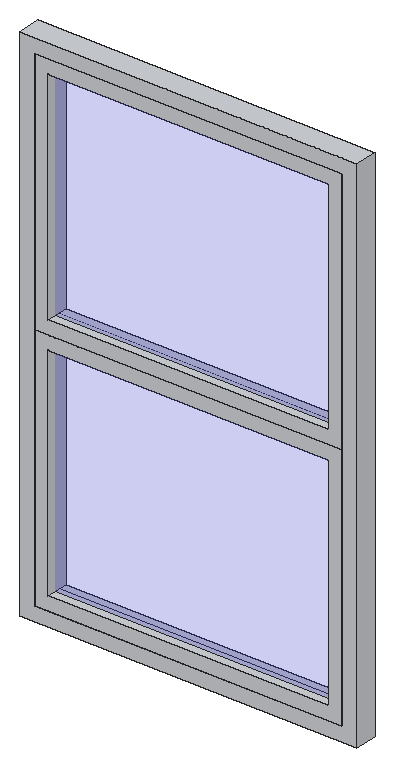
Revit family "Janela pivotante horizontal - 2 Painéis", category Janelas, Revit 2019
Family settings
  Hospedeiro = Parede
  Número OmniClass = 23.30.20.00
  Título OmniClass = Windows
  Sempre na vertical = Sim
  Corte com vazios quando carregada = Não
  Compartilhado = Não
  Ponto de cálculo do ambiente = Não
Parameters
  Visual Light Transmittance = 0.9
  Solar Heat Gain Coefficient = 0.78
  Rough Width = 900 mm
  Rough Height = 1400 mm
  Largura da moldura do painel = 35 mm
  ID do tipo de construção = ""
  Height = Rough Height  # 1400 mm
  Coeficiente de transferência de calor (U) = 3.6886 W/(m²·K)
  Vidro = none
  Largura da estrutura = 40 mm
  Espessura da moldura = 60 mm
  Material da moldura = none
  Altura-padrão do peitoril = 650 mm
  Fechamento da parede = Por hospedeiro
  Width = Rough Width  # 900 mm
  Construção analítica = Vidraça única Pilkington 1/8 pol
Reference planes
  plane 1 "Centro (Frente/Trás)": y = 0
  plane 2 "Centro (Esquerda/Direita)": x = 0
  plane 3 "Esquerda": x = -450
  plane 4 "Direita": x = 450
  plane 5 "Peitoril": z = 650
  plane 6 "Extremidade superior": z = 2050
  plane 7 "Exterior": y = 100
  plane 8 "Interior": y = -100
  plane 9: z = 0
  plane 10: y = -40
  plane 11: x = -415
  plane 12: x = 415
  plane 13: z = 2015
  plane 14: z = 685
  plane 15: z = 1350
  plane 16: z = 1385
  plane 17: z = 1315
  plane 18: y = -70
  plane 19: z = 1700
  plane 20: x = -410
  plane 21: x = 410
  plane 22: x = -375
  plane 23: x = 375
  plane 24: z = 2010
  plane 25: z = 1975
  plane 26: z = 690
  plane 27: z = 725
  plane 28: z = 1680
Forms (mm)
  Sweep 1, solid, material <- "Material da moldura", detail levels medium
    path origin (0, -100, 0) x (1, 0, 0) y (0, 0, 1)
      loop
        line (-450, 1350) -> (-450, 650) -> (450, 650) -> (450, 1350) -> (-450, 1350)
    profile origin (0, -100, 1350) x (0, 0, 1) y (0, -1, 0)
      loop
        line (0, 0) -> (-35, 0) -> (-35, -60) -> (0, -60) -> (0, 0)
  Sweep 2, solid, material <- "Material da moldura", detail levels medium
    path origin (0, -100, 0) x (1, 0, 0) y (0, 0, 1)
      loop
        line (-450, 2050) -> (-450, 1350) -> (450, 1350) -> (450, 2050) -> (-450, 2050)
    profile origin (0, -100, 2050) x (0, 0, 1) y (0, -1, 0)
      loop
        line (0, -60) -> (0, 0) -> (-35, 0) -> (-35, -60) -> (0, -60)
  Extrusion 3, solid, material <- "Vidro", detail levels coarse
    sketch origin (-592.359, -70, 1000) x (-1, 0, 0) y (0, 0, 1)
      loop
        line (-1007.359, 1015) -> (-1007.359, 367.5) -> (-177.359, 367.5) -> (-177.359, 1015) -> (-1007.359, 1015)
      loop
        line (-1007.359, -315) -> (-177.359, -315) -> (-177.359, 332.5) -> (-1007.359, 332.5) -> (-1007.359, -315)
    from -7 to 7
  Extrusion 4, solid, material <- "Vidro", detail levels medium
    sketch origin (-592.359, -70, 1000) x (-1, 0, 0) y (0, 0, 1)
      loop
        line (-1007.359, 1015) -> (-1007.359, 385) -> (-177.359, 385) -> (-177.359, 1015) -> (-1007.359, 1015)
      loop
        line (-1007.359, 315) -> (-1007.359, -315) -> (-177.359, -315) -> (-177.359, 315) -> (-1007.359, 315)
    from -7 to 7
  Sweep 5, solid, material <- "Material da moldura", detail levels fine
    path origin (0, -100, 0) x (1, 0, 0) y (0, 0, 1)
      loop
        line (-450, 2050) -> (-450, 650) -> (450, 650) -> (450, 2050) -> (-450, 2050)
    profile origin (0, -100, 2050) x (0, 0, 1) y (0, -1, 0)
      loop
        line (0, 0) -> (-40, 0) -> (-40, -60) -> (0, -60) -> (0, 0)
  Sweep 6, solid, material <- "Material da moldura", detail levels fine
    path origin (0, -100, 0) x (1, 0, 0) y (0, 0, 1)
      loop
        line (-410, 1350) -> (-410, 690) -> (410, 690) -> (410, 1350) -> (-410, 1350)
    profile origin (0, -100, 1350) x (0, 0, 1) y (0, -1, 0)
      loop
        line (0, 0) -> (-35, 0) -> (-35, -60) -> (0, -60) -> (0, 0)
  Sweep 7, solid, material <- "Material da moldura", detail levels fine
    path origin (0, -100, 0) x (1, 0, 0) y (0, 0, 1)
      loop
        line (-410, 2010) -> (-410, 1350) -> (410, 1350) -> (410, 2010) -> (-410, 2010)
    profile origin (0, -100, 2010) x (0, 0, 1) y (0, -1, 0)
      loop
        line (0, 0) -> (-35, 0) -> (-35, -60) -> (0, -60) -> (0, 0)
  Extrusion 8, solid, material <- "Vidro", detail levels fine
    sketch origin (-592.359, -70, 1000) x (-1, 0, 0) y (0, 0, 1)
      loop
        line (-217.359, 315) -> (-967.359, 315) -> (-967.359, -275) -> (-217.359, -275) -> (-217.359, 315)
      loop
        line (-217.359, 975) -> (-967.359, 975) -> (-967.359, 385) -> (-217.359, 385) -> (-217.359, 975)
    from -7 to 7
  Extrusion 9, solid, material <- "Material da moldura", detail levels coarse
    sketch origin (-450, -40, 2050) x (1, 0, 0) y (0, 0, -1)
      loop
        line (900, 0) -> (900, 700) -> (900, 1400) -> (0, 1400) -> (0, 700) -> (0, 0) -> (900, 0)
      loop
        line (865, 35) -> (865, 682.5) -> (35, 682.5) -> (35, 35) -> (865, 35)
      loop
        line (865, 1365) -> (35, 1365) -> (35, 717.5) -> (865, 717.5) -> (865, 1365)
    from -60 to 0
Lines and regions (mm)
  Opening 1
    outline origin (3500, -100, 0) x (1, 0, 0) y (0, 0, 1)
      loop
        line (-3050, 650) -> (-3050, 2050) -> (-3950, 2050) -> (-3950, 650) -> (-3050, 650)
  symbolic lines, style "WindowsGlassProjection", detail levels coarse
    curve 1: line (-415, -70, 0) -> (415, -70, 0)
    curve 2: line (450, -70, 2015) -> (450, -70, 1385)
    curve 3: line (450, -70, 1315) -> (450, -70, 685)
  symbolic lines, style "Giro da elevação", detail levels coarse+medium
    curve 4: line (0, -70, 2050) -> (450, -70, 1700)
    curve 5: line (450, -70, 1700) -> (0, -70, 1350)
    curve 6: line (0, -70, 1350) -> (-450, -70, 1700)
    curve 7: line (-450, -70, 1700) -> (0, -70, 2050)
  symbolic lines, style "Giro da planta", detail levels coarse+medium
    curve 8: line (450, -342.001, 1920.262) -> (450, 202.001, 1479.738)
    curve 18: arc (450, -70, 2050) -> (450, -220.679, 2015.905) -> (450, -342.001, 1920.262) r 350
    curve 19: arc (450, -70, 1350) -> (450, 80.679, 1384.095) -> (450, 202.001, 1479.738) r 350
  reference lines
    curve 9: line (450, -70, 1700) -> (450, -575.145, 2109.058)
    curve 14: line (450, -70, 1680) -> (450, -550.859, 2069.392)
  symbolic lines, style "Giro da elevação", detail levels fine
    curve 10: line (0, -70, 2010) -> (410, -70, 1680)
    curve 11: line (410, -70, 1680) -> (0, -70, 1350)
    curve 12: line (0, -70, 1350) -> (-410, -70, 1680)
    curve 13: line (-410, -70, 1680) -> (0, -70, 2010)
  symbolic lines, style "Giro da planta", detail levels fine
    curve 15: line (450, -326.458, 1887.676) -> (450, 186.458, 1472.324)
    curve 16: arc (450, -70, 2010) -> (450, -212.069, 1977.853) -> (450, -326.458, 1887.676) r 330
    curve 17: arc (450, -70, 1350) -> (450, 72.069, 1382.147) -> (450, 186.458, 1472.324) r 330
Text (mm)
  text "EXTERIOR" at (-1963.203, 1332.353, 0), in view "Nível de referência"
  text "INTERIOR" at (-1981.466, -818.386, 0), in view "Nível de referência"
  text "Externo" at (0, 923.751, 2943.296), in view "Direita"
  text "Externo" at (0, 1040.484, 2685.409), in view "Esquerda"
Dimensions and locks
  equal spacing: plane 3 "Esquerda", plane 2 "Centro (Esquerda/Direita)", plane 4 "Direita"
  "Width": plane 3 "Esquerda" to plane 4 "Direita"
  "Height": plane 5 "Peitoril" to plane 6 "Extremidade superior"
  "Altura-padrão do peitoril": plane 5 "Peitoril" to level
  locked: plane 7 "Exterior" to host wall at 0
  locked: plane 8 "Interior" to host wall
  "Largura da moldura do painel": plane 3 "Esquerda" to plane 11
  "Largura da moldura do painel": plane 12 to plane 4 "Direita"
  "Largura da moldura do painel": plane 5 "Peitoril" to plane 14
  "Largura da moldura do painel": plane 13 to plane 6 "Extremidade superior"
  equal spacing: plane 5 "Peitoril", plane 15, plane 6 "Extremidade superior"
  "Largura da moldura do painel": plane 15 to plane 16
  "Largura da moldura do painel": plane 17 to plane 15
  equal spacing: plane 10, plane 18, plane 8 "Interior"
  equal spacing: plane 15, plane 19, plane 6 "Extremidade superior"
  "Largura da estrutura": plane 3 "Esquerda" to plane 20
  "Largura da estrutura": plane 21 to plane 4 "Direita"
  "Largura da moldura do painel": plane 20 to plane 22
  "Largura da moldura do painel": plane 23 to plane 21
  "Largura da estrutura": plane 24 to plane 6 "Extremidade superior"
  "Largura da moldura do painel": plane 25 to plane 24
  "Largura da estrutura": plane 5 "Peitoril" to plane 26
  "Largura da moldura do painel": plane 26 to plane 27
  equal spacing: plane 15, plane 28, plane 24
  "Espessura da moldura": plane 10 to plane 8 "Interior"
  "Largura da moldura do painel": Extrusion 9 sketch curve to Extrusion 9 sketch curve
  locked: plane 18 to curve 9 (angle 51.00°)
  angle plane 18 to curve 14 = 51.00°
  aligned and locked: level to plane 9
  aligned and locked: Sweep 1 sketch curve to host wall  (x2)
  aligned and locked: host wall to Sweep 1 sketch curve
  aligned and locked: profile plane to Sweep 1 sketch curve
  aligned and locked: Sweep 1 sketch curve to profile plane
  aligned and locked: Sweep 1 sketch curve to plane 10
  aligned and locked: plane 17 to Sweep 1 sketch curve
  aligned and locked: Sweep 2 sketch curve to host wall
  aligned and locked: host wall to Sweep 2 sketch curve
  aligned and locked: Sweep 2 sketch curve to Sweep 1  (x2)
  aligned and locked: Sweep 2 sketch curve to profile plane
  aligned and locked: plane 10 to Sweep 2 sketch curve
  aligned and locked: Sweep 2 sketch curve to plane 13
  aligned and locked: profile plane to Sweep 2 sketch curve
  aligned and locked: Extrusion 3 sketch curve to Sweep 2
  aligned and locked: Extrusion 3 sketch curve to Sweep 1  (x3)
  aligned and locked: curve 1 to plane 18
  aligned and locked: curve 3 to plane 18
  aligned and locked: curve 2 to plane 18
  aligned and locked: plane 6 "Extremidade superior" to curve 7
  aligned and locked: plane 2 "Centro (Esquerda/Direita)" to curve 7
  aligned and locked: plane 4 "Direita" to curve 5
  aligned and locked: plane 19 to curve 5
  aligned and locked: plane 19 to curve 7
  aligned and locked: plane 3 "Esquerda" to curve 7
  aligned and locked: plane 13 to curve 2
  aligned and locked: plane 19 to curve 9
  aligned and locked: plane 18 to curve 9
  aligned and locked: Sweep 5 sketch curve to host wall  (x6)
  aligned and locked: plane 24 to Sweep 5 sketch curve
  aligned and locked: Sweep 5 sketch curve to plane 10
  aligned and locked: plane 20 to Sweep 6 sketch curve
  aligned and locked: Sweep 6 sketch curve to Sweep 5
  aligned and locked: Sweep 5 to Sweep 6 sketch curve
  aligned and locked: Sweep 6 sketch curve to plane 15
  aligned and locked: Sweep 6 sketch curve to Sweep 1  (x3)
  aligned and locked: Sweep 6 sketch curve to Sweep 2
  aligned and locked: Sweep 7 sketch curve to Sweep 5  (x3)
  aligned and locked: Sweep 5 to Sweep 7 sketch curve
  aligned and locked: Sweep 7 sketch curve to Sweep 6  (x2)
  aligned and locked: plane 25 to Sweep 7 sketch curve
  aligned and locked: Sweep 7 sketch curve to plane 10
  aligned and locked: plane 17 to Extrusion 8 sketch curve
  aligned and locked: Extrusion 8 sketch curve to plane 16
  aligned and locked: plane 23 to Extrusion 8 sketch curve  (x2)
  aligned and locked: Extrusion 8 sketch curve to plane 22  (x2)
  aligned and locked: Extrusion 8 sketch curve to plane 27
  aligned and locked: plane 25 to Extrusion 8 sketch curve
  aligned and locked: plane 28 to curve 11
  aligned and locked: plane 21 to curve 11
  aligned and locked: plane 24 to curve 13
  aligned and locked: plane 2 "Centro (Esquerda/Direita)" to curve 13
  aligned and locked: plane 28 to curve 13
  aligned and locked: plane 20 to curve 13
  aligned and locked: plane 2 "Centro (Esquerda/Direita)" to curve 12
  aligned and locked: plane 28 to curve 14
  aligned and locked: plane 18 to curve 14
  aligned and locked: curve 15 to curve 14
  aligned and locked: plane 28 to curve 16
  aligned and locked: plane 18 to curve 16
  aligned and locked: plane 28 to curve 17
  aligned and locked: plane 18 to curve 17
  aligned and locked: curve 8 to curve 9
  aligned and locked: plane 19 to curve 18
  aligned and locked: plane 18 to curve 18
  aligned and locked: plane 18 to curve 19
  aligned and locked: plane 15 to curve 11
  aligned and locked: Extrusion 9 sketch curve to Sweep 2  (x6)
  aligned and locked: Extrusion 9 sketch curve to Sweep 1  (x6)
  aligned and locked: host wall to Extrusion 9
  aligned and locked: plane 10 to Extrusion 9
  aligned and locked: Extrusion 3 sketch curve to Extrusion 9  (x2)
Automatic sketch dimensions
  Opening 1 sketch curve to plane 3 "Esquerda" = 0 mm
  Opening 1 sketch curve to plane 4 "Direita" = 0 mm
  Opening 1 sketch curve to plane 5 "Peitoril" = 0 mm
  Opening 1 sketch curve to plane 6 "Extremidade superior" = 0 mm
  Sweep 1 sketch curve to plane 15 = 0 mm
  Extrusion 4 sketch curve to plane 12 = 0 mm  (x2)
  Extrusion 4 sketch curve to plane 11 = 0 mm  (x2)
  Extrusion 4 sketch curve to plane 14 = 0 mm
  Extrusion 4 sketch curve to plane 17 = 0 mm
  Extrusion 4 sketch curve to plane 16 = 0 mm
  Extrusion 4 sketch curve to plane 13 = 0 mm
  curve 1 to plane 11 = 0 mm
  curve 1 to plane 12 = 0 mm
  curve 18 to curve 19 = 0 mm
  curve 19 to plane 15 = 0 mm
  curve 3 to plane 14 = 0 mm
  curve 3 to plane 17 = 0 mm
  curve 17 to plane 15 = 0 mm
  curve 2 to plane 16 = 0 mm
  curve 16 to plane 24 = 0 mm
  plane 6 "Extremidade superior" to curve 18 = 0 mm
  Extrusion 9 sketch curve to Sweep 2 = 0 mm  (x2)
  Extrusion 9 sketch curve to Sweep 2 = 17.5 mm
  Extrusion 3 sketch curve to plane 11 = 0 mm
  Extrusion 3 sketch curve to plane 12 = 0 mm
